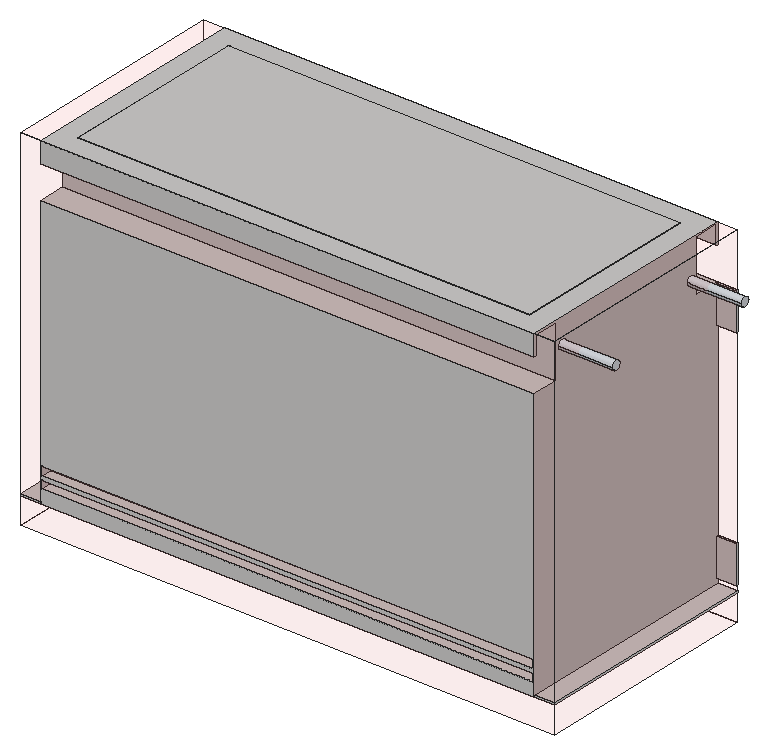
Revit family "Air-Curtain_Industrial_PoweredAire_Steam", category Mechanical Equipment, host Face, Revit 2022
Family settings
  Host = Face
  Round Connector Dimension = Use Diameter
  Part Type = Normal
  OmniClass Number = 23.75.35.17.21
  OmniClass Title = Air Curtains
  Cut with Voids When Loaded = No
  Maintain Annotation Orientation = No
  Shared = No
  Room Calculation Point = No
Parameters
  upperrotation [instance] = if(Upper Pipe Connection Side A, 0.00°, 180.00°)  # 0.00°
  topbracket [instance] = and(Unit Height = 1' 4 3/4", Unit Depth = 1' 11 3/4")  # yes
  lowerrotation [instance] = if(Lower Pipe Connection Side A, 0.00°, 180.00°)  # 0.00°
  locateupperpipe [instance] = if(Upper Pipe Connection Side A, 0' 0", Nozzle Width)  # 0' - 0"
  locatelowerpipe [instance] = if(Lower Pipe Connection Side A, 0' 0", Nozzle Width)  # 0' - 0"
  Warranty Duration (Years) = 0
  Upper Pipe Connection Side A [instance] = yes
  Unit Width Notes = "Other Widths available."  # constant formula
  Unit Width = 3' - 3"
  Unit Weight = 0
  Unit Height = 1' - 4 3/4"
  Unit Depth = 1' - 11 3/4"
  URL = "http://www.poweredaire.com/"
  Test Data = ""
  Standards Conformance = "as Specified"
  Specification = "http://www.arcat.com/sdspecs/htm04/23_34_33pai.htm"
  SpecWizard = ""
  Sound Pressure = "as Specified"
  Sales Information = "http://www.poweredaire.com/contact_us"
  Revision = "R1_2016-08"
  Projection from Host [instance] = 0' - 2"
  Product Properties = ""
  Product Data = "http://www.arcat.com/arcatcos/cos47/arc47623.html"
  Power Rating = 0 W
  Piping_Water Flow [instance] = 0 GPM
  Piping_Operating Pressure [instance] = 0.00 psi
  Piping_Exit Temperature [instance] = 0 °F
  Piping_Entry Temperature [instance] = 0 °F
  Pipe OD [instance] = 5/8"
  Nozzle Width = if(1 = 1, Unit Width - 0' 3", 0' 0")  # 3' - 0"
  Mounting Width = if(1 = 1, Unit Width - 0' 1 1/2", 0' 0")  # 3' - 1 1/2"
  Mounting Height [instance] = 3' - 6"
  Motor RPM = 0
  Motor HP = 0
  Motor Count = 0
  Model = "As Specified"
  Max Height = 0' - 0"
  Manufacturer Website = "http://www.poweredaire.com/"
  Manufacturer Phone - Toll Free = "888-321-2473"
  Manufacturer Phone = "724-588-3305"
  Manufacturer Fax = "724-588-3371"
  Manufacturer Address = "109 Mortensen Rd.  Greenville, PA 16125"
  Manufacturer = "Powered Aire, Inc"
  Maintenance Schedule (Months) = 0
  Lower Pipe Connection Side A [instance] = yes
  Keynote = "23 34 33"
  Installation-Fabrication = ""
  Installation Phase = ""
  Include Clearance [instance] = yes
  Heating Element Load = 0 W
  HVAC_Temperature Rise = 0 °F
  HVAC_Outlet Volume = 0 CFM
  HVAC_Outlet Velocity Uniformity = 0
  HVAC_Outlet Velocity = 0 FPM
  HVAC_BTU Input = 0.0 Btu/h
  Green Building-LEED = "http://www.arcat.com/green/clients/leed_data_47623.html"
  Front Grating Material [instance] = Metal - Steel - PoweredAire - Stainless 304 Perforated
  Frame Finish [instance] = Metal - Steel - PoweredAire - Stainless 304
  Expected Lifespan (Years) = 0
  Electrical_Wattage [instance] = Power Rating + Heating Element Load  # 0 W
  Electrical_Voltage [instance] = 0 V
  Electrical_Phase [instance] = 1
  Electrical_Frequency [instance] = 0 Hz
  Electrical_Amperage [instance] = 0 A
  Drawn By = "Sumex Design, Inc. / Robert S. Weygant, CSI, CDT, SCIP"
  Description = "Powered Aire Air Curtain as Specified"
  Default Elevation = 0' - 0"  # constant formula
  Copyright = "©Arcat Inc."
  Construction Details = "http://www.arcat.com/details/powair/prod3336.html"
  Clearance_Top [instance] = 0' - 0"
  Clearance_Side B [instance] = 0' - 0"
  Clearance_Side A [instance] = 0' - 0"
  Clearance_Intake [instance] = 0' - 0"
  Clearance_Bottom [instance] = 0' - 0"
  Clearance Material [instance] = ARCAT Clearance
  Building Codes = ""
  Available Options [instance] = "as Specified"
  Assembly Code = "D3090400"
Reference planes (in)
  plane 1 "Center (Elevation)": y = 0.13818
  plane 2: z = 0
  plane 3 "Center (Left/Right)": x = 0
  plane 4: y = 8.51318
  plane 5: y = -8.23682
  plane 6: x = -19.5
  plane 7: x = 19.5
  plane 8: z = 25.75
  plane 9 "FF": y = -41.86182
  plane 10: z = 2
  plane 11: x = 18
  plane 12: x = -18
  plane 13: y = 8.51318
  plane 14: y = -8.23682
  plane 15: x = -19.5
  plane 16: x = 19.5
  plane 17: z = 25.75
  plane 18: x = 17.9375
  plane 19: x = -17.9375
  plane 20: x = 18
  plane 21: x = 18
  plane 22: y = 6.01318
  plane 23: y = -5.73682
Forms (in)
  Extrusion 1, solid, material "Metal - Steel - PoweredAire - Stainless 304" <- "Frame Finish"
    sketch origin (0, 0, 0) x (0, 1, 0) y (0, 0, 1)
      loop
        line (-8.23682, 2) -> (8.51318, 2) -> (8.51318, 21.8125) -> (6.51318, 21.8125) -> (6.51318, 25.625) -> (8.38818, 25.625) -> (8.38818, 24.25) -> (8.51318, 24.25) -> (8.51318, 25.75) -> (-8.23682, 25.75) -> (-8.23682, 24.25) -> (-8.11182, 24.25) -> (-8.11182, 25.625) -> (-6.23682, 25.625) -> (-6.23682, 21.8125) -> (-8.23682, 21.8125) -> (-8.23682, 2)
    from -18 to 18
  Extrusion 2, solid, material "ARCAT Clearance" <- "Clearance Material", visible <- "Include Clearance"
    sketch origin (0, 0, 0) x (0, 1, 0) y (0, 0, 1)
      loop
        line (-8.23682, 25.75) -> (-8.23682, 0) -> (8.51318, 0) -> (8.51318, 25.75) -> (-8.23682, 25.75)
    from -19.5 to 19.5
  Extrusion 3, solid, material "Metal - Steel - PoweredAire - Stainless 304" <- "Frame Finish"
    sketch origin (-15.17702, -180, 2) x (-1, 0, 0) y (0, -1, 0)
      loop
        line (-33.17702, -188.51318) -> (-33.17702, -171.76318) -> (-34.67702, -171.76318) -> (-34.67702, -188.51318) -> (-33.17702, -188.51318)
      loop
        line (2.82298, -188.51318) -> (4.32298, -188.51318) -> (4.32298, -171.76318) -> (2.82298, -171.76318) -> (2.82298, -188.51318)
    from 0 to 0.125
  Extrusion 4, solid, material "Metal - Steel - PoweredAire - Stainless 304" <- "Frame Finish", visible <- "topbracket"
    sketch origin (-11.83813, 8.51318, 48) x (-1, 0, 0) y (0, 0, 1)
      loop
        line (-29.83813, -45.5) -> (-29.83813, -42.75) -> (-31.33813, -42.75) -> (-31.33813, -45.5) -> (-29.83813, -45.5)
      loop
        line (-29.83813, -28.9375) -> (-29.83813, -26.1875) -> (-31.33813, -26.1875) -> (-31.33813, -28.9375) -> (-29.83813, -28.9375)
      loop
        line (6.16187, -45.5) -> (7.66187, -45.5) -> (7.66187, -42.75) -> (6.16187, -42.75) -> (6.16187, -45.5)
      loop
        line (6.16187, -28.9375) -> (7.66187, -28.9375) -> (7.66187, -26.1875) -> (6.16187, -26.1875) -> (6.16187, -28.9375)
    from 0 to -0.125
  Extrusion 5, void
    sketch origin (0, 0, 0) x (0, 1, 0) y (0, 0, 1)
      loop
        line (-8.23682, 3) -> (-7.23682, 3) -> (-7.23682, 4.5) -> (-8.23682, 4.5) -> (-8.23682, 3.82425) -> (-7.38364, 3.82425) -> (-7.38364, 3.57425) -> (-8.23682, 3.57425) -> (-8.23682, 3)
    from -17.9375 to 17.9375
  Extrusion 6, solid, material "Metal - Steel - PoweredAire - Stainless 304 Perforated" <- "Front Grating Material"
    sketch origin (0, -8.23682, 25.75) x (0, 1, 0) y (-1, 0, 0)
      loop
        line (15.25, 16.5) -> (1.5, 16.5) -> (1.5, -16.5) -> (15.25, -16.5) -> (15.25, 16.5)
    from 0 to 0.03125
  Sweep 7, solid
    path origin (18, 6.01318, 0) x (1, 0, 0) y (0, 1, 0)
      loop
        line (0, 0) -> (4, 0)
    profile origin (20, 6.01318, 0) x (0, 1, 0) y (0, 0, 1)
      loop
        circle (0, 23) r 0.3125
  Sweep 8, solid
    path origin (18, -5.73682, 0) x (1, 0, 0) y (0, 1, 0)
      loop
        line (0, 0) -> (4, 0)
    profile origin (20, -5.73682, 0) x (0, 1, 0) y (0, 0, 1)
      loop
        circle (0, 24) r 0.3125
Cuts and joins
  Extrusion 5 cuts Extrusion 1
Lines and regions (in)
  reference lines
    curve 1: line (18, 6.01318, 0) -> (22.75, 6.01318, 0)
    curve 2: line (18, -5.73682, 0) -> (23.75, -5.73682, 0)
Dimensions and locks (in)
  equal spacing: plane 4, plane 1 "Center (Elevation)", plane 5
  "Unit Height": plane 4 to plane 5
  equal spacing: plane 6, plane 3 "Center (Left/Right)", plane 7
  "Unit Width": plane 6 to plane 7
  "Mounting Height": plane 1 "Center (Elevation)" to plane 9 "FF"
  "Projection from Host": plane 10 to level
  "Unit Depth": plane 8 to plane 10
  locked: plane 6 to plane 12 at 1.5
  locked: plane 11 to plane 7 at 1.5
  "Clearance_Side A": plane 7 to plane 16
  "Clearance_Side B": plane 15 to plane 6
  "Clearance_Top": plane 13 to plane 4
  "Clearance_Bottom": plane 5 to plane 14
  "Clearance_Intake": plane 17 to plane 8
  plane 5 to Extrusion 1 sketch curve to Extrusion 1 sketch curve = 0' - 0 1/8" locked, 0' - 1 7/8" locked
  Extrusion 1 sketch curve to Extrusion 1 sketch curve to plane 4 = 0' - 1 7/8" locked, 0' - 0 1/8" locked
  Extrusion 4 sketch curve to Extrusion 4 sketch curve to Extrusion 4 sketch curve to Extrusion 4 sketch curve to plane 10 = 0' - 2 3/4" locked, 1' - 1 13/16" locked, 0' - 2 3/4" locked, 0' - 0 1/2" locked
  Extrusion 4 sketch curve to Extrusion 4 sketch curve to Extrusion 4 sketch curve to Extrusion 4 sketch curve = 0' - 2 3/4" locked, 1' - 1 13/16" locked, 0' - 2 3/4" locked
  locked: Extrusion 4 sketch curve to plane 10 at 0.5
  plane 8 to Extrusion 1 sketch curve to Extrusion 1 sketch curve = 0' - 0 1/8" locked, 0' - 1 3/8" locked  (x2)
  locked: Extrusion 1 sketch curve to plane 10 at 19.8125  (x2)
  Extrusion 5 sketch curve to Extrusion 5 sketch curve to Extrusion 5 sketch curve to Extrusion 5 sketch curve to plane 10 = 0' - 0.67575" locked, 0' - 0 1/4" locked, 0' - 0.57425" locked, 0' - 1" locked
  plane 5 to Extrusion 5 sketch curve to Extrusion 5 sketch curve = 0' - 0.85319" locked, 0' - 0.14681" locked
  locked: plane 19 to plane 12 at 0.0625
  locked: plane 11 to plane 18 at 0.0625
  locked: plane 4 to Extrusion 6 sketch curve at 1.5
  locked: Extrusion 6 sketch curve to plane 5 at 1.5
  locked: Extrusion 6 sketch curve to plane 11 at 1.5
  locked: plane 12 to Extrusion 6 sketch curve at 1.5
  "locateupperpipe": plane 20 to plane 11
  "locatelowerpipe": plane 21 to plane 11
  locked: plane 4 to plane 22 at 2.5
  locked: plane 23 to plane 5 at 2.5
  locked: curve 1 to Sweep 7 sketch curve at 4
  locked: curve 1 to Sweep 7 sketch curve
  locked: Sweep 7 sketch curve to plane 10 at 21
  locked: curve 2 to Sweep 8 sketch curve at 4
  locked: curve 2 to Sweep 8 sketch curve
  locked: Sweep 8 sketch curve to plane 10 at 22
  "upperrotation": angle plane 22 to curve 1
  "lowerrotation": angle plane 23 to curve 2
  aligned and locked: plane 2 to host face
  aligned and locked: level to host face
  aligned and locked: Extrusion 2 sketch curve to plane 17
  aligned and locked: plane 14 to Extrusion 2 sketch curve
  aligned and locked: level to Extrusion 2 sketch curve
  aligned and locked: Extrusion 2 sketch curve to plane 13
  aligned and locked: plane 16 to Extrusion 2
  aligned and locked: Extrusion 2 to plane 15
  aligned and locked: plane 11 to Extrusion 1
  aligned and locked: Extrusion 1 to plane 12
  aligned and locked: plane 21 to curve 2
  aligned and locked: plane 23 to curve 2
  aligned and locked: plane 22 to curve 1
  aligned and locked: plane 20 to curve 1
Automatic sketch dimensions
  host sketch curve to host sketch curve = 8' - 0"  (x2)
  Extrusion 1 sketch curve to plane 5 = 0' - 0"  (x2)
  Extrusion 1 sketch curve to plane 4 = 0' - 0"  (x2)
  Extrusion 1 sketch curve to plane 10 = 0' - 0"
  Extrusion 1 sketch curve to plane 8 = 0' - 0"
  plane 4 to Extrusion 3 sketch curve = 0' - 0"
  Extrusion 3 sketch curve to plane 7 = 0' - 0"
  plane 5 to Extrusion 3 sketch curve = 0' - 0"
  Extrusion 3 sketch curve to plane 11 = 0' - 0"
  Extrusion 3 sketch curve to plane 4 = 0' - 0"
  Extrusion 3 sketch curve to plane 12 = 0' - 0"
  Extrusion 3 sketch curve to plane 6 = 0' - 0"
  Extrusion 3 sketch curve to plane 5 = 0' - 0"
  Extrusion 4 sketch curve to plane 7 = 0' - 0"  (x2)
  Extrusion 4 sketch curve to plane 11 = 0' - 0"  (x2)
  Extrusion 4 sketch curve to plane 12 = 0' - 0"  (x2)
  Extrusion 4 sketch curve to plane 6 = 0' - 0"  (x2)
  Extrusion 5 sketch curve to plane 5 = 0' - 0"  (x2)
  Sweep 7 sketch curve to profile plane = 0' - 0"
  Sweep 8 sketch curve to profile plane = 0' - 0"
  radius of Sweep 7 sketch curve = 0' - 0 5/16"
  radius of Sweep 8 sketch curve = 0' - 0 5/16"
Connectors (in)
  piping at (22, 6.01318, 23), diameter 0.625, driven by "Pipe OD", driven by "Piping_Water Flow"
    settings: on Sweep 7, index 1, connector inside diameter 24", connector length 0' - 0", flow factor 0, pipe flow 0 GPM, pressure drop 0.00 psi, fitting loss kfactor 0, connector angle 0.00°, fixture units 0, engagement length 0' - 0", angle of deflection 0.00°, flow configuration 0, flow direction 0, fitting loss method 0, system type 29, joint type 0, gender type 0, connector reference index -1, connector utility 0, adjustable connector no, is connector primary yes, connector description "Define Supply or Return and Location"
  piping at (22, -5.73682, 24), diameter 0.625, driven by "Pipe OD", driven by "Piping_Water Flow"
    settings: on Sweep 8, index 2, connector inside diameter 24", connector length 0' - 0", flow factor 0, pipe flow 0 GPM, pressure drop 0.00 psi, fitting loss kfactor 0, connector angle 0.00°, fixture units 0, engagement length 0' - 0", angle of deflection 0.00°, flow configuration 0, flow direction 0, fitting loss method 0, system type 29, joint type 0, gender type 0, connector reference index -1, connector utility 0, adjustable connector no, is connector primary no, connector description "Define Supply or Return and Location"
  electrical at (-18, 0.13818, 21.39062), driven by "Electrical_Voltage", driven by "Electrical_Phase"
    settings: on cut or joined group of Extrusion 1, Extrusion 5, index 3, voltage 0 V, apparent load 0 VA, apparent load phase1 0 VA, apparent load phase2 0 VA, apparent load phase3 0 VA, power factor 1, load classification "Motor", number of poles 1, system type 31, power factor state 1, is connector primary yes, connector utility no, sub classification motor no, connector description ""
